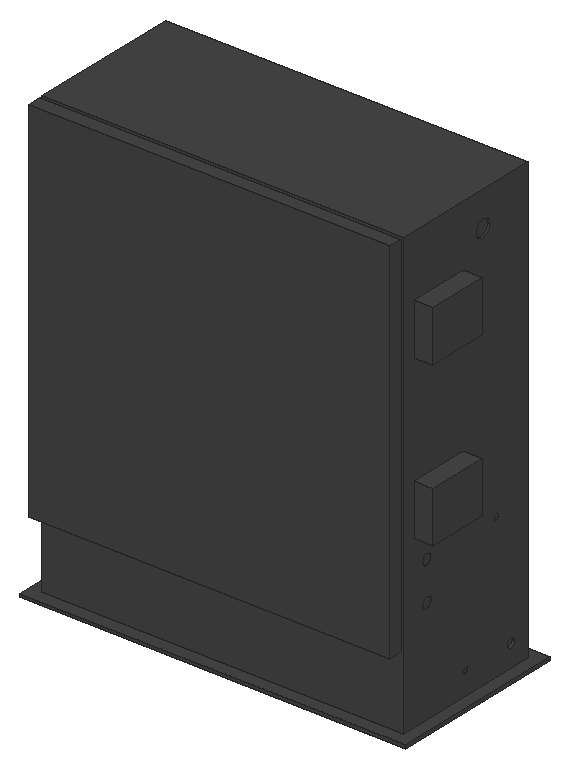
Revit family "SP4182W_EUR_Revit", category Mechanical Equipment, Revit 2014
Parameters (values of type "Standard")
  d208 = 0' - 0.05"
  d206 = 0' - 0.2"
  d204 = 2' - 10.474"
  d202 = 2' - 3.874"
  d200 = 2' - 1.874"
  d198 = 0' - 0 1/4"
  d196 = 0' - 0 1/4"
  d194 = 0' - 0 1/8"
  d192 = 0' - 0.1"
  d190 = 0' - 0.1"
  d188 = 0' - 0 1/8"
  d186 = 0' - 0 1/4"
  d184 = 0' - 1.45"
  d182 = 0' - 1.45"
  d180 = 0' - 0 1/4"
  d178 = 0' - 0 1/4"
  d176 = 0' - 0 1/4"
  d174 = 0' - 0 1/4"
  d172 = 0' - 0 1/4"
  d170 = 0' - 0 1/4"
  URL = "www.neptronic.com"
  Part Number = "SP4182W"
  Model = "SKE10-W, SKE20-W, SKE30-W, SKE40-W"
  Manufacturer = "Neptronic"
  Description = "Electric Resistive Humidifier Weather proof"
  Connector_34_Diameter = 0' - 0"
  Connector_33_Diameter = 0' - 0"
  Connector_32_Diameter = 0' - 0"
  Connector_31_Diameter = 0' - 0"
  Connector_30_Diameter = 0' - 0"
  Connector_29_Diameter = 0' - 0"
  Connector_24_Diameter = 0' - 0"
  Connector_23_Diameter = 0' - 0"
  Connector_22_Diameter = 0' - 0"
Reference planes (in)
  plane 1 "Center (Front/Back)": y = 0
  plane 2: z = 0
  plane 3 "Center (Left/Right)": x = 0
  plane 4: z = 0
  plane 5: z = -0.05
  plane 6: z = 0.2
  plane 7: z = 0
  plane 8: z = 34.474
  plane 9: x = 13.937
  plane 10: x = -13.937
  plane 11: x = 12.937
  plane 12: x = -12.937
  plane 13: x = -13.937
  plane 14: x = -13.687
  plane 15: x = 13.937
  plane 16: x = 13.687
  plane 17: x = 13.937
  plane 18: x = 13.812
  plane 19: x = 13.937
  plane 20: x = 13.837
  plane 21: x = 13.937
  plane 22: x = 13.837
  plane 23: x = 13.937
  plane 24: x = 13.812
  plane 25: x = 13.937
  plane 26: x = 13.687
  plane 27: x = 13.937
  plane 28: x = 15.387
  plane 29: x = 13.937
  plane 30: x = 15.387
  plane 31: z = -0.061
  plane 32: z = 0.189
  plane 33: z = -0.061
  plane 34: z = 0.189
  plane 35: z = -0.061
  plane 36: z = 0.189
  plane 37: z = -0.061
  plane 38: z = 0.189
  plane 39: z = -0.061
  plane 40: z = 0.189
  plane 41: z = -0.061
  plane 42: z = 0.189
Forms (in)
  Extrusion 1, solid
    sketch origin (0, 0, 0) x (-1, 0, 0) y (0, -1, 0)
      loop
        line (14.876, 6.9075) -> (-14.876, 6.9075) -> (-14.876, -6.9075) -> (14.876, -6.9075) -> (14.876, 6.9075)
    from -0.05 to 0.2
  Extrusion 2, solid
    sketch origin (0, 0, 0) x (-1, 0, 0) y (0, -1, 0)
      loop
        line (-13.937, 5.9685) -> (-13.937, -5.9685) -> (13.937, -5.9685) -> (13.937, 5.9685) -> (-13.937, 5.9685)
    from 0 to 34.474
  Extrusion 3, solid
    sketch origin (13.937, 0, 0) x (0, -1, 0) y (0, 0, -1)
      loop
        line (6.2185, -6.002) -> (6.2185, -34.474) -> (7.2905, -34.474) -> (7.2905, -6.002) -> (6.2185, -6.002)
    from 0 to -27.874
  Extrusion 4, solid
    sketch origin (12.937, 0, 0) x (0, -1, 0) y (0, 0, -1)
      loop
        line (5.9685, -33.474) -> (6.2185, -33.474) -> (6.2185, -7.002) -> (5.9685, -7.002) -> (5.9685, -33.474)
    from 0 to -25.874
  Extrusion 5, void
    sketch origin (-13.937, 0, 0) x (0, -1, 0) y (0, 0, -1)
      loop
        circle (-1.6895, -31.78) r 0.6875
    from 0 to 0.25
  Extrusion 6, void
    sketch origin (13.937, 0, 0) x (0, -1, 0) y (0, 0, -1)
      loop
        circle (-1.6895, -31.78) r 0.6875
    from 0 to -0.25
  Extrusion 7, void
    sketch origin (13.937, 0, 0) x (0, -1, 0) y (0, 0, -1)
      loop
        circle (3.7306, -11.27179) r 0.4375
    from 0 to -0.125
  Extrusion 8, void
    sketch origin (13.937, 0, 0) x (0, -1, 0) y (0, 0, -1)
      loop
        circle (-2.9685, -11.2935) r 0.25
    from 0 to -0.1
  Extrusion 9, void
    sketch origin (13.937, 0, 0) x (0, -1, 0) y (0, 0, -1)
      loop
        circle (3.7306, -8.27179) r 0.4375
    from 0 to -0.1
  Extrusion 10, void
    sketch origin (13.937, 0, 0) x (0, -1, 0) y (0, 0, -1)
      loop
        circle (0, -1.939) r 0.25
    from 0 to -0.125
  Extrusion 11, void
    sketch origin (13.937, 0, 0) x (0, -1, 0) y (0, 0, -1)
      loop
        circle (-4.3795, -1.939) r 0.375
    from 0 to -0.25
  Extrusion 12, solid
    sketch origin (13.937, 0, 0) x (0, -1, 0) y (0, 0, -1)
      loop
        line (0.2355, -25.776) -> (0.2355, -29.726) -> (4.9605, -29.726) -> (4.9605, -25.776) -> (0.2355, -25.776)
    from 0 to 1.45
  Extrusion 13, solid
    sketch origin (13.937, 0, 0) x (0, -1, 0) y (0, 0, -1)
      loop
        line (0.2355, -13.276) -> (0.2355, -17.226) -> (4.9605, -17.226) -> (4.9605, -13.276) -> (0.2355, -13.276)
    from 0 to 1.45
  Extrusion 14, void
    sketch origin (0, 0, -0.061) x (0, 1, 0) y (1, 0, 0)
      loop
        circle (2.8207, 11.481) r 0.25
    from 0 to -0.25
  Extrusion 15, void
    sketch origin (0, 0, -0.061) x (0, 1, 0) y (1, 0, 0)
      loop
        circle (-2.95405, 10.62608) r 0.4375
    from 0 to -0.25
  Extrusion 16, void
    sketch origin (0, 0, -0.061) x (0, 1, 0) y (1, 0, 0)
      loop
        circle (1.68675, 8) r 0.6875
    from 0 to -0.25
  Extrusion 17, void
    sketch origin (0, 0, -0.061) x (0, 1, 0) y (1, 0, 0)
      loop
        circle (-2.95405, 7.62608) r 0.4375
    from 0 to -0.25
  Extrusion 18, void
    sketch origin (0, 0, -0.061) x (0, 1, 0) y (1, 0, 0)
      loop
        circle (4.36975, 1.107) r 0.375
    from 0 to -0.25
  Extrusion 19, void
    sketch origin (0, 0, -0.061) x (0, 1, 0) y (1, 0, 0)
      loop
        circle (-0.03175, 0) r 0.25
    from 0 to -0.25
Cuts and joins
  Extrusion 5, Extrusion 6, Extrusion 7, Extrusion 8, Extrusion 9, Extrusion 10, Extrusion 11, Extrusion 14, Extrusion 15, Extrusion 16, Extrusion 17, Extrusion 18, Extrusion 19 cuts Extrusion 1
  Extrusion 5, Extrusion 6, Extrusion 7, Extrusion 8, Extrusion 9, Extrusion 10, Extrusion 11, Extrusion 14, Extrusion 15, Extrusion 16, Extrusion 17, Extrusion 18, Extrusion 19 cuts Extrusion 2
  Extrusion 5, Extrusion 6, Extrusion 7, Extrusion 8, Extrusion 9, Extrusion 10, Extrusion 11, Extrusion 14, Extrusion 15, Extrusion 16, Extrusion 17, Extrusion 18, Extrusion 19 cuts Extrusion 3
  Extrusion 5, Extrusion 6, Extrusion 7, Extrusion 8, Extrusion 9, Extrusion 10, Extrusion 11, Extrusion 14, Extrusion 15, Extrusion 16, Extrusion 17, Extrusion 18, Extrusion 19 cuts Extrusion 4
  Extrusion 14, Extrusion 15, Extrusion 16, Extrusion 17, Extrusion 18, Extrusion 19 cuts Extrusion 12
  Extrusion 14, Extrusion 15, Extrusion 16, Extrusion 17, Extrusion 18, Extrusion 19 cuts Extrusion 13
  joined: Extrusion 1, Extrusion 2, Extrusion 3, Extrusion 4, Extrusion 12, Extrusion 13
Lines and regions (in)
  reference lines
    curve 1: line (-14.876, -6.9075, 0) -> (14.876, -6.9075, 0)
    curve 2: line (14.876, -6.9075, 0) -> (14.876, 6.9075, 0)
    curve 3: line (-14.876, 6.9075, 0) -> (14.876, 6.9075, 0)
    curve 4: line (-14.876, -6.9075, 0) -> (-14.876, 6.9075, 0)
    curve 5: line (13.937, -5.9685, 0) -> (-13.937, -5.9685, 0)
    curve 6: line (-13.937, -5.9685, 0) -> (-13.937, 5.9685, 0)
    curve 7: line (-13.937, 5.9685, 0) -> (13.937, 5.9685, 0)
    curve 8: line (13.937, 5.9685, 0) -> (13.937, -5.9685, 0)
    curve 9: line (13.937, -6.2185, 6.002) -> (13.937, -6.2185, 34.474)
    curve 10: line (13.937, -6.2185, 34.474) -> (13.937, -7.2905, 34.474)
    curve 11: line (13.937, -7.2905, 6.002) -> (13.937, -7.2905, 34.474)
    curve 12: line (13.937, -6.2185, 6.002) -> (13.937, -7.2905, 6.002)
    curve 13: line (12.937, -5.9685, 33.474) -> (12.937, -5.9685, 7.002)
    curve 14: line (12.937, -5.9685, 7.002) -> (12.937, -6.2185, 7.002)
    curve 15: line (12.937, -6.2185, 7.002) -> (12.937, -6.2185, 33.474)
    curve 16: line (12.937, -5.9685, 33.474) -> (12.937, -6.2185, 33.474)
    curve 17: circle (-13.937, 1.6895, 31.78) r 0.6875 normal (1, 0, 0)
    curve 18: circle (13.937, 1.6895, 31.78) r 0.6875 normal (1, 0, 0)
    curve 19: circle (13.937, -3.7306, 11.27179) r 0.4375 normal (1, 0, 0)
    curve 20: circle (13.937, 2.9685, 11.2935) r 0.25 normal (1, 0, 0)
    curve 21: circle (13.937, -3.7306, 8.27179) r 0.4375 normal (1, 0, 0)
    curve 22: circle (13.937, 0, 1.939) r 0.25 normal (1, 0, 0)
    curve 23: circle (13.937, 4.3795, 1.939) r 0.375 normal (1, 0, 0)
    curve 24: line (13.937, -0.2355, 25.776) -> (13.937, -4.9605, 25.776)
    curve 25: line (13.937, -4.9605, 25.776) -> (13.937, -4.9605, 29.726)
    curve 26: line (13.937, -4.9605, 29.726) -> (13.937, -0.2355, 29.726)
    curve 27: line (13.937, -0.2355, 29.726) -> (13.937, -0.2355, 25.776)
    curve 28: line (13.937, -0.2355, 13.276) -> (13.937, -4.9605, 13.276)
    curve 29: line (13.937, -4.9605, 13.276) -> (13.937, -4.9605, 17.226)
    curve 30: line (13.937, -4.9605, 17.226) -> (13.937, -0.2355, 17.226)
    curve 31: line (13.937, -0.2355, 17.226) -> (13.937, -0.2355, 13.276)
    curve 32: circle (11.481, 2.8207, -0.061) r 0.25 normal (0, 0, -1)
    curve 33: circle (10.62608, -2.95405, -0.061) r 0.4375 normal (0, 0, -1)
    curve 34: circle (8, 1.68675, -0.061) r 0.6875 normal (0, 0, -1)
    curve 35: circle (7.62608, -2.95405, -0.061) r 0.4375 normal (0, 0, -1)
    curve 36: circle (1.107, 4.36975, -0.061) r 0.375 normal (0, 0, -1)
    curve 37: circle (0, -0.03175, -0.061) r 0.25 normal (0, 0, -1)
Dimensions and locks (in)
  "d208": plane 5 to plane 4
  "d206": plane 4 to plane 6
  "d204": plane 7 to plane 8
  "d202": plane 10 to plane 9
  "d200": plane 12 to plane 11
  "d198": plane 13 to plane 14
  "d196": plane 16 to plane 15
  "d194": plane 18 to plane 17
  "d192": plane 20 to plane 19
  "d190": plane 22 to plane 21
  "d188": plane 24 to plane 23
  "d186": plane 26 to plane 25
  "d184": plane 27 to plane 28
  "d182": plane 29 to plane 30
  "d180": plane 32 to plane 31
  "d178": plane 34 to plane 33
  "d176": plane 36 to plane 35
  "d174": plane 38 to plane 37
  "d172": plane 40 to plane 39
  "d170": plane 42 to plane 41
  aligned and locked: plane 2 to level
  aligned and locked: Extrusion 1 to plane 6
  aligned and locked: plane 5 to Extrusion 1
  aligned and locked: Extrusion 1 sketch curve to curve 1
  aligned and locked: Extrusion 1 sketch curve to curve 2
  aligned and locked: Extrusion 1 sketch curve to curve 3
  aligned and locked: Extrusion 1 sketch curve to curve 4
  aligned and locked: plane 8 to Extrusion 2
  aligned and locked: Extrusion 2 to plane 7
  aligned and locked: Extrusion 2 sketch curve to curve 5
  aligned and locked: Extrusion 2 sketch curve to curve 6
  aligned and locked: Extrusion 2 sketch curve to curve 7
  aligned and locked: Extrusion 2 sketch curve to curve 8
  aligned and locked: plane 10 to Extrusion 3
  aligned and locked: Extrusion 3 to plane 9
  aligned and locked: Extrusion 3 sketch curve to curve 9
  aligned and locked: Extrusion 3 sketch curve to curve 10
  aligned and locked: Extrusion 3 sketch curve to curve 11
  aligned and locked: Extrusion 3 sketch curve to curve 12
  aligned and locked: plane 12 to Extrusion 4
  aligned and locked: Extrusion 4 to plane 11
  aligned and locked: Extrusion 4 sketch curve to curve 13
  aligned and locked: Extrusion 4 sketch curve to curve 14
  aligned and locked: Extrusion 4 sketch curve to curve 15
  aligned and locked: Extrusion 4 sketch curve to curve 16
  aligned and locked: Extrusion 5 to plane 14
  aligned and locked: Extrusion 5 to plane 13
  aligned and locked: Extrusion 5 sketch curve to curve 17  (x2)
  aligned and locked: Extrusion 6 to plane 16
  aligned and locked: plane 15 to Extrusion 6
  aligned and locked: Extrusion 6 sketch curve to curve 18  (x2)
  aligned and locked: plane 18 to Extrusion 7
  aligned and locked: Extrusion 7 to plane 17
  aligned and locked: Extrusion 7 sketch curve to curve 19  (x2)
  aligned and locked: Extrusion 8 to plane 20
  aligned and locked: plane 19 to Extrusion 8
  aligned and locked: Extrusion 8 sketch curve to curve 20  (x2)
  aligned and locked: plane 22 to Extrusion 9
  aligned and locked: Extrusion 9 to plane 21
  aligned and locked: Extrusion 9 sketch curve to curve 21  (x2)
  aligned and locked: Extrusion 10 to plane 24
  aligned and locked: plane 23 to Extrusion 10
  aligned and locked: Extrusion 10 sketch curve to curve 22  (x2)
  aligned and locked: Extrusion 11 to plane 26
  aligned and locked: plane 25 to Extrusion 11
  aligned and locked: Extrusion 11 sketch curve to curve 23  (x2)
  aligned and locked: Extrusion 12 to plane 28
  aligned and locked: Extrusion 12 to plane 27
  aligned and locked: Extrusion 12 sketch curve to curve 24
  aligned and locked: Extrusion 12 sketch curve to curve 25
  aligned and locked: Extrusion 12 sketch curve to curve 26
  aligned and locked: Extrusion 12 sketch curve to curve 27
  aligned and locked: Extrusion 13 to plane 30
  aligned and locked: Extrusion 13 to plane 29
  aligned and locked: Extrusion 13 sketch curve to curve 28
  aligned and locked: Extrusion 13 sketch curve to curve 29
  aligned and locked: Extrusion 13 sketch curve to curve 30
  aligned and locked: Extrusion 13 sketch curve to curve 31
  aligned and locked: Extrusion 14 to plane 32
  aligned and locked: plane 31 to Extrusion 14
  aligned and locked: Extrusion 14 sketch curve to curve 32  (x2)
  aligned and locked: Extrusion 15 to plane 34
  aligned and locked: plane 33 to Extrusion 15
  aligned and locked: Extrusion 15 sketch curve to curve 33  (x2)
  aligned and locked: Extrusion 16 to plane 36
  aligned and locked: plane 35 to Extrusion 16
  aligned and locked: Extrusion 16 sketch curve to curve 34  (x2)
  aligned and locked: Extrusion 17 to plane 38
  aligned and locked: plane 37 to Extrusion 17
  aligned and locked: Extrusion 17 sketch curve to curve 35  (x2)
  aligned and locked: Extrusion 18 to plane 40
  aligned and locked: plane 39 to Extrusion 18
  aligned and locked: Extrusion 18 sketch curve to curve 36  (x2)
  aligned and locked: Extrusion 19 to plane 42
  aligned and locked: plane 41 to Extrusion 19
  aligned and locked: Extrusion 19 sketch curve to curve 37  (x2)
Connectors (in)
  hvac at (8, 1.68675, -0.05), driven by "Connector_22_Diameter"
    settings: on cut or joined group 1 (Extrusion 1, Extrusion 2, Extrusion 3, Extrusion 4, Extrusion 5, Extrusion 6, Extrusion 7, Extrusion 8, Extrusion 9, Extrusion 10, Extrusion 11, Extrusion 12, Extrusion 13, Extrusion 14, Extrusion 15, Extrusion 16, Extrusion 17, Extrusion 18, Extrusion 19), index 1, duct flow 0 CFM, flow factor 0, pres drop 0.00 in-wg, loss coef 0, conn angle 0.00°, conn width 12", conn height 12", conn diameter 0", duct sys type 29, conn prof type 0, flow config 1, flow direction 2, loss method 0, conn ref index -1, conn util no, is conn primary yes, conn desc "Steam Outlet 1 3/8\" (Roofcurb option)"
  hvac at (-13.937, 1.6895, 31.78), driven by "Connector_23_Diameter"
    settings: on cut or joined group 1, index 2, duct flow 0 CFM, flow factor 0, pres drop 0.00 in-wg, loss coef 0, conn angle 0.00°, conn width 12", conn height 12", conn diameter 0", duct sys type 1, conn prof type 0, flow config 1, flow direction 2, loss method 0, conn ref index -1, conn util no, is conn primary no, conn desc "Steam Outlet 1 3/8\" (STD)"
  hvac at (13.937, 1.6895, 31.78), driven by "Connector_24_Diameter"
    settings: on cut or joined group 1, index 3, duct flow 0 CFM, flow factor 0, pres drop 0.00 in-wg, loss coef 0, conn angle 0.00°, conn width 12", conn height 12", conn diameter 0", duct sys type 1, conn prof type 0, flow config 1, flow direction 2, loss method 0, conn ref index -1, conn util no, is conn primary no, conn desc "Steam Outlet 1 3/8\" (Option)"
  electrical at (13.937, -3.7306, 11.27179)
    settings: on cut or joined group 1, index 4, voltage 0 V, apparent load 0 VA, apparent load phase1 0 VA, apparent load phase2 0 VA, apparent load phase3 0 VA, power factor 0, load classification "Other", number of poles 1, system type 30, power factor state 1, is connector primary yes, connector utility no, sub classification motor no, connector description "Power supply inlet 7/8\" - 1 3/8\" (KO)"
  electrical at (10.62608, -2.95405, -0.05)
    settings: on cut or joined group 1, index 5, voltage 0 V, apparent load 0 VA, apparent load phase1 0 VA, apparent load phase2 0 VA, apparent load phase3 0 VA, power factor 0, load classification "Other", number of poles 1, system type 30, power factor state 1, is connector primary no, connector utility no, sub classification motor no, connector description "Power supply inlet 7/8\" - 1 3/8\" (KO) (Roofcurb option)"
  electrical at (13.937, -3.7306, 8.27179)
    settings: on cut or joined group 1, index 6, voltage 0 V, apparent load 0 VA, apparent load phase1 0 VA, apparent load phase2 0 VA, apparent load phase3 0 VA, power factor 1, load classification "Other", number of poles 1, system type 13, power factor state 1, is connector primary no, connector utility no, sub classification motor no, connector description "Low voltage control inlet 7/8\" - 1 3/8\" (KO)"
  electrical at (7.62608, -2.95405, -0.05)
    settings: on cut or joined group 1, index 7, voltage 0 V, apparent load 0 VA, apparent load phase1 0 VA, apparent load phase2 0 VA, apparent load phase3 0 VA, power factor 1, load classification "Other", number of poles 1, system type 13, power factor state 1, is connector primary no, connector utility no, sub classification motor no, connector description "Low voltage control inlet 7/8\" - 1 3/8\" (KO) (Roofcurb option)"
  piping at (1.107, 4.36975, -0.05), driven by "Connector_29_Diameter"
    settings: on cut or joined group 1, index 8, connector diameter 0", connector inside diameter 24", connector length 0' - 0", flow factor 0, pipe flow 0 GPM, pressure drop 0.00 psi, fitting loss kfactor 0, connector angle 0.00°, fixture units 0, engagement length 0' - 0", angle of deflection 0.00°, flow configuration 1, flow direction 2, fitting loss method 0, system type 16, joint type 0, gender type 0, connector reference index -1, connector utility 0, adjustable connector no, is connector primary yes, connector description "Main drain outlet 3/4\" (Roofcurb option)"
  piping at (0, -0.03175, -0.05), driven by "Connector_30_Diameter"
    settings: on cut or joined group 1, index 9, connector diameter 0", connector inside diameter 24", connector length 0' - 0", flow factor 0, pipe flow 0 GPM, pressure drop 0.00 psi, fitting loss kfactor 0, connector angle 0.00°, fixture units 0, engagement length 0' - 0", angle of deflection 0.00°, flow configuration 1, flow direction 2, fitting loss method 0, system type 16, joint type 0, gender type 0, connector reference index -1, connector utility 0, adjustable connector no, is connector primary no, connector description "Pan drip drain outlet 1/2\" (Roofcurb option)"
  piping at (11.481, 2.8207, -0.05), driven by "Connector_31_Diameter"
    settings: on cut or joined group 1, index 10, connector diameter 0", connector inside diameter 24", connector length 0' - 0", flow factor 0, pipe flow 0 GPM, pressure drop 0.00 psi, fitting loss kfactor 0, connector angle 0.00°, fixture units 0, engagement length 0' - 0", angle of deflection 0.00°, flow configuration 1, flow direction 1, fitting loss method 0, system type 20, joint type 0, gender type 0, connector reference index -1, connector utility 0, adjustable connector no, is connector primary no, connector description "Water inlet 1/2\" Male NPT (Roofcurb option)"
  piping at (13.937, 2.9685, 11.2935), driven by "Connector_32_Diameter"
    settings: on cut or joined group 1, index 11, connector diameter 0", connector inside diameter 24", connector length 0' - 0", flow factor 0, pipe flow 0 GPM, pressure drop 0.00 psi, fitting loss kfactor 0, connector angle 0.00°, fixture units 0, engagement length 0' - 0", angle of deflection 0.00°, flow configuration 1, flow direction 1, fitting loss method 0, system type 20, joint type 0, gender type 0, connector reference index -1, connector utility 0, adjustable connector no, is connector primary no, connector description "Water inlet 1/2\" Male NPT (STD)"
  piping at (13.937, 4.3795, 1.939), driven by "Connector_33_Diameter"
    settings: on cut or joined group 1, index 12, connector diameter 0", connector inside diameter 24", connector length 0' - 0", flow factor 0, pipe flow 0 GPM, pressure drop 0.00 psi, fitting loss kfactor 0, connector angle 0.00°, fixture units 0, engagement length 0' - 0", angle of deflection 0.00°, flow configuration 1, flow direction 2, fitting loss method 0, system type 16, joint type 0, gender type 0, connector reference index -1, connector utility 0, adjustable connector no, is connector primary no, connector description "Main drain outlet 3/4\" (STD)"
  piping at (13.937, 0, 1.939), driven by "Connector_34_Diameter"
    settings: on cut or joined group 1, index 13, connector diameter 0", connector inside diameter 24", connector length 0' - 0", flow factor 0, pipe flow 0 GPM, pressure drop 0.00 psi, fitting loss kfactor 0, connector angle 0.00°, fixture units 0, engagement length 0' - 0", angle of deflection 0.00°, flow configuration 1, flow direction 2, fitting loss method 0, system type 16, joint type 0, gender type 0, connector reference index -1, connector utility 0, adjustable connector no, is connector primary no, connector description "Pan drip drain outlet 1/2\" (STD)"
